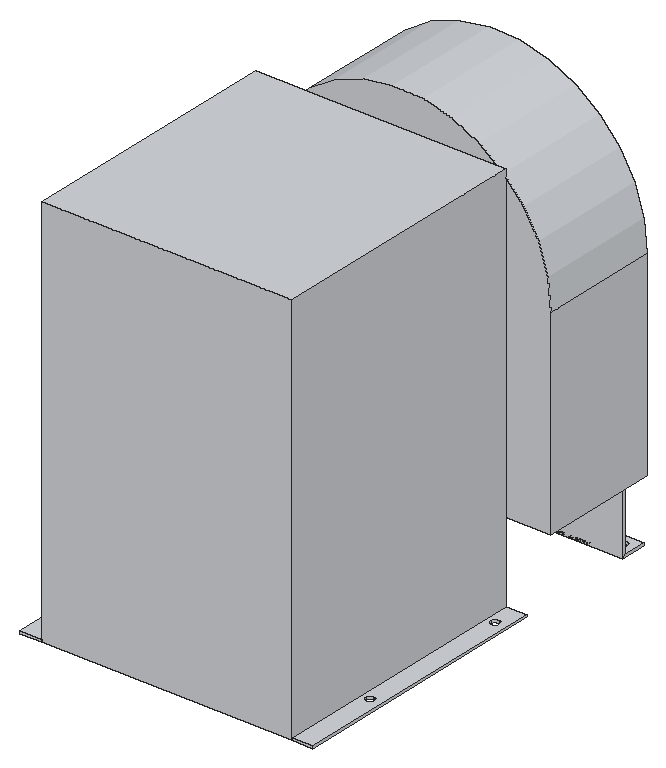
Revit family "CPFB_CW_DBD", category Mechanical Equipment, Revit 2019
Family settings
  Round Connector Dimension = Use Radius
  Part Type = Normal
  Work Plane-Based = No
  Always vertical = Yes
  Cut with Voids When Loaded = No
  Shared = No
  Room Calculation Point = No
Parameters (values of type "100-CPFB_CW_DBD")
  Z = 0' - 4 5/8"
  Y = 0' - 8 5/8"
  X = 1' - 2 1/16"
  W+M = W + M  # 1' - 5 1/8"
  W+1.5+K+L = W + 0' 1 1/2" + K + L  # 2' - 1 3/4"
  W+1.5 = W + 0' 1 1/2"  # 0' - 5 1/2"
  W = 0' - 4"
  V = 0' - 8"
  Unit Weight [instance] = ""
  U-.125 = U - 0' 0 1/8"  # 0' - 5 1/8"
  U = 0' - 5 1/4"
  T = 0' - 0 3/4"
  Sones [instance] = ""
  S/2 = S / 2  # 0' - 0 9/32"
  S = 0' - 0 9/16"
  R = 0' - 0 3/4"
  Q = 0' - 3"
  P-U = P - U  # 1' - 10 1/4"
  P = 2' - 3 1/2"
  N = 0' - 9 3/8"
  Motor RPM [instance] = ""
  Motor Enclosure [instance] = ""
  ModelID [instance] = ""
  M = 1' - 1 1/8"
  LwA [instance] = ""
  L = 0' - 10 1/4"
  K = 0' - 10"
  J = 0' - 10 3/4"
  H = 2' - 1 1/4"
  G-V = G - V  # 0' - 1 3/8"
  G = 0' - 9 3/8"
  Fan RPM [instance] = ""
  F-.125 = F - 0' 0 1/8"  # 0' - 8"
  F = 0' - 8 1/8"
  E-U = E - U  # 1' - 1 3/4"
  E = 1' - 7"
  D = 1' - 6"
  C/8*7 = C / 8 * 2.5  # 0' - 4 53/128"
  C/8 = C / 6  # 0' - 2.35417"
  C/2 = C / 2  # 0' - 7 1/16"
  C = 1' - 2 1/8"
  Brake Hp [instance] = ""
  B = 0' - 10 15/16"
  Accessories [instance] = ""
  A+.25 = A + 0' 0 1/8"  # 0' - 7 11/16"
  A = 0' - 7 9/16"
  CUT = 0' - 3 1/2"
  4" = 0' - 4"  # constant formula
  1'8" = 1' - 8"  # constant formula
  0 = 0' - 0"  # constant formula
  Voltage [instance] = 0 V
  URL = "www.lorencook.com"
  Type Comments = "Foward Curved Centrifugal Blower Clockwise Downblast Arrangement 10"  # constant formula
  Static Pressure [instance] = 0.00 in-wg
  Power [instance] = Voltage * Motor FLA * sqrt(if(Phase = 3, 3, 1))  # 0 VA
  Phase [instance] = 0
  Number of Poles [instance] = 1
  Motor Hp [instance] = "0"
  Motor FLA [instance] = 0 A
  Model = "CPFB_CW_DBD"  # constant formula
  Manufacturer = "Loren Cook Company"
  CFM [instance] = 0 CFM
  1.5 = 0' - 1 1/2"  # constant formula
  ONE EIGTH = 0' - 0 1/8"  # constant formula
  -1.5 = -0' - 1 1/2"  # constant formula
  -.125 = -0' - 0 1/8"  # constant formula
  -(A+.25) = -(A + 0' 0 1/8")  # -0' - 7 11/16"
  (C/2)-1.5 = (C / 2) - 0' 1 1/2"  # 0' - 5 9/16"
  (C/2)-.25 = (C / 2) - 0' 0 1/4"  # 0' - 6 13/16"
Types (9): name | Z | Y | X | W+M | W+1.5+K+L | W+1.5 | W | V | U-.125 | U | T | S/2 | S | R | Q | P-U | P | N | M | L | K | J | H | G-V | G | F-.125 | F | E-U | E | D | C/8*7 | C/8 | C/2 | C | B | A+.25 | A | CUT | -(A+.25) | (C/2)-1.5 | (C/2)-.25
  (no name) | 0' - 4 5/8" | 0' - 8 5/8" | 1' - 2 1/16" | 1' - 5 1/8" | 2' - 1 3/4" | 0' - 5 1/2" | 0' - 4" | 0' - 8" | 0' - 5 1/8" | 0' - 5 1/4" | 0' - 0 3/4" | 0' - 0 9/32" | 0' - 0 9/16" | 0' - 0 3/4" | 0' - 3" | 1' - 10 1/4" | 2' - 3 1/2" | 0' - 9 3/8" | 1' - 1 1/8" | 0' - 10 1/4" | 0' - 10" | 0' - 10 3/4" | 2' - 1 1/4" | 0' - 1 3/8" | 0' - 9 3/8" | 0' - 8" | 0' - 8 1/8" | 1' - 1 3/4" | 1' - 7" | 1' - 6" | 0' - 4 53/128" | 0' - 2.35417" | 0' - 7 1/16" | 1' - 2 1/8" | 0' - 10 15/16" | 0' - 7 11/16" | 0' - 7 9/16" | 0' - 3 1/2" | -0' - 7 11/16" | 0' - 5 9/16" | 0' - 6 13/16"
  150-CPFB_CW_DBD | 0' - 6 9/16" | 0' - 8 5/8" | 1' - 7 5/8" | 1' - 7 1/8" | 2' - 7 5/8" | 0' - 5 1/2" | 0' - 4" | 0' - 8" | 0' - 3 5/8" | 0' - 3 3/4" | 0' - 0 3/4" | 0' - 0 9/32" | 0' - 0 9/16" | 0' - 0 3/4" | 0' - 3" | 2' - 5 9/16" | 2' - 9 5/16" | 1' - 1 1/4" | 1' - 3 1/8" | 1' - 2 1/8" | 1' - 0" | 1' - 2 5/8" | 2' - 5 1/16" | 0' - 1 3/8" | 0' - 9 3/8" | 1' - 0 1/16" | 1' - 0 3/16" | 2' - 0 3/4" | 2' - 4 1/2" | 1' - 7 1/16" | 0' - 5 125/128" | 0' - 3 3/16" | 0' - 9 9/16" | 1' - 7 1/8" | 1' - 4 7/16" | 0' - 11 9/16" | 0' - 11 7/16" | 0' - 2" | -0' - 11 9/16" | 0' - 8 1/16" | 0' - 9 5/16"
  180-CPFB_CW_DBD | 0' - 7 3/4" | 0' - 9 5/8" | 1' - 10 7/8" | 1' - 7 1/8" | 2' - 9 15/16" | 0' - 5 1/2" | 0' - 4" | 0' - 9" | 0' - 4 5/16" | 0' - 4 7/16" | 0' - 0 3/4" | 0' - 0 9/32" | 0' - 0 9/16" | 0' - 1" | 0' - 3" | 2' - 10 3/4" | 3' - 3 3/16" | 1' - 3 9/16" | 1' - 3 1/8" | 1' - 4 7/16" | 1' - 0" | 1' - 4 15/16" | 2' - 9 9/16" | 0' - 1 3/8" | 0' - 10 3/8" | 1' - 2 1/2" | 1' - 2 5/8" | 2' - 5 3/4" | 2' - 10 3/16" | 1' - 10 1/16" | 0' - 7 23/256" | 0' - 3 25/32" | 0' - 11 11/32" | 1' - 10 11/16" | 1' - 7 11/16" | 1' - 1 7/8" | 1' - 1 3/4" | 0' - 2" | -1' - 1 7/8" | 0' - 9 27/32" | 0' - 11 3/32"
  220-CPFB_CW_DBD | 0' - 9 7/16" | 0' - 11 1/8" | 2' - 3 13/16" | 1' - 11 1/8" | 3' - 5 3/8" | 0' - 6 1/2" | 0' - 5" | 0' - 10 1/2" | 0' - 6 1/4" | 0' - 6 3/8" | 0' - 0 3/4" | 0' - 0 9/32" | 0' - 0 9/16" | 0' - 1" | 0' - 4" | 3' - 6" | 4' - 0 3/8" | 1' - 7" | 1' - 6 1/8" | 1' - 7 7/8" | 1' - 3" | 1' - 8 7/16" | 3' - 5" | 0' - 1 3/8" | 0' - 11 7/8" | 1' - 6 3/16" | 1' - 6 5/16" | 3' - 0 3/8" | 3' - 6 3/4" | 2' - 3" | 0' - 8 147/256" | 0' - 4.57292" | 1' - 1 23/32" | 2' - 3 7/16" | 2' - 0 5/8" | 1' - 5 5/16" | 1' - 5 3/16" | 0' - 2" | -1' - 5 5/16" | 1' - 0 7/32" | 1' - 1 15/32"
  250-CPFB_CW_DBD | 0' - 10 1/2" | 1' - 0 3/8" | 2' - 7" | 1' - 11 1/8" | 3' - 7 3/16" | 0' - 6 1/2" | 0' - 5" | 0' - 11 1/2" | 0' - 7 3/4" | 0' - 7 7/8" | 0' - 1" | 0' - 0 11/32" | 0' - 0 11/16" | 0' - 1" | 0' - 4" | 3' - 9 1/16" | 4' - 4 15/16" | 1' - 9 1/16" | 1' - 6 1/8" | 1' - 9 11/16" | 1' - 3" | 1' - 11" | 3' - 8 5/8" | 0' - 1 7/8" | 1' - 1 3/8" | 1' - 7 3/4" | 1' - 7 7/8" | 3' - 2 5/8" | 3' - 10 1/2" | 2' - 5 5/8" | 0' - 9 51/256" | 0' - 4 29/32" | 1' - 2 23/32" | 2' - 5 7/16" | 2' - 2 13/16" | 1' - 6 7/8" | 1' - 6 3/4" | 0' - 2" | -1' - 6 7/8" | 1' - 1 7/32" | 1' - 2 15/32"
  270-CPFB_CW_DBD | 0' - 11 7/16" | 1' - 1 3/8" | 2' - 9 3/4" | 2' - 2 1/8" | 4' - 0 1/16" | 0' - 6 1/2" | 0' - 5" | 1' - 0 1/2" | 0' - 8 7/8" | 0' - 9" | 0' - 1" | 0' - 0 11/32" | 0' - 0 11/16" | 0' - 1" | 0' - 4" | 4' - 1 1/16" | 4' - 10 1/16" | 1' - 10 15/16" | 1' - 9 1/8" | 1' - 11 9/16" | 1' - 6" | 2' - 0 7/8" | 4' - 0 7/8" | 0' - 1 7/8" | 1' - 2 3/8" | 1' - 9 15/16" | 1' - 10 1/16" | 3' - 6 5/16" | 4' - 3 5/16" | 2' - 8 3/8" | 0' - 9 251/256" | 0' - 5.32292" | 1' - 3 31/32" | 2' - 7 15/16" | 2' - 5 9/16" | 1' - 8 3/4" | 1' - 8 5/8" | 0' - 2 1/4" | -1' - 8 3/4" | 1' - 2 15/32" | 1' - 3 23/32"
  300-CPFB_CW_DBD | 1' - 0 5/8" | 1' - 2 5/16" | 3' - 1" | 2' - 2 3/16" | 4' - 2 1/2" | 0' - 6 1/2" | 0' - 5" | 1' - 1 1/2" | 0' - 9 5/8" | 0' - 9 3/4" | 0' - 1" | 0' - 0 11/32" | 0' - 0 11/16" | 0' - 1 3/16" | 0' - 4" | 4' - 6 3/8" | 5' - 4 1/8" | 2' - 1 5/16" | 1' - 9 3/16" | 2' - 2" | 1' - 6" | 2' - 3 3/16" | 4' - 5 5/8" | 0' - 1 13/16" | 1' - 3 5/16" | 2' - 0 1/4" | 2' - 0 3/8" | 3' - 11 1/4" | 4' - 9" | 2' - 11 5/8" | 0' - 10 235/256" | 0' - 5.82292" | 1' - 5 15/32" | 2' - 10 15/16" | 2' - 8 13/16" | 1' - 11 1/16" | 1' - 10 15/16" | 0' - 2 1/2" | -1' - 11 1/16" | 1' - 3 31/32" | 1' - 5 7/32"
  120-CPFB_CW_DBD | 0' - 5 7/16" | 0' - 8 5/8" | 1' - 4 5/16" | 1' - 5 1/8" | 2' - 3 3/8" | 0' - 5 1/2" | 0' - 4" | 0' - 8" | 0' - 4 1/2" | 0' - 4 5/8" | 0' - 0 3/4" | 0' - 0 9/32" | 0' - 0 9/16" | 0' - 0 3/4" | 0' - 3" | 2' - 0 13/16" | 2' - 5 7/16" | 0' - 11" | 1' - 1 1/8" | 0' - 11 7/8" | 0' - 10" | 1' - 0 3/8" | 2' - 2 1/4" | 0' - 1 3/8" | 0' - 9 3/8" | 0' - 9 5/8" | 0' - 9 3/4" | 1' - 6 3/16" | 1' - 10 13/16" | 1' - 6" | 0' - 5 5/128" | 0' - 2 11/16" | 0' - 8 1/16" | 1' - 4 1/8" | 1' - 1 1/8" | 0' - 9 5/16" | 0' - 9 3/16" | 0' - 2 1/2" | -0' - 9 5/16" | 0' - 6 9/16" | 0' - 7 13/16"
  100-CPFB_CW_DBD | 0' - 4 5/8" | 0' - 8 5/8" | 1' - 2 1/16" | 1' - 5 1/8" | 2' - 1 3/4" | 0' - 5 1/2" | 0' - 4" | 0' - 8" | 0' - 5 1/8" | 0' - 5 1/4" | 0' - 0 3/4" | 0' - 0 9/32" | 0' - 0 9/16" | 0' - 0 3/4" | 0' - 3" | 1' - 10 1/4" | 2' - 3 1/2" | 0' - 9 3/8" | 1' - 1 1/8" | 0' - 10 1/4" | 0' - 10" | 0' - 10 3/4" | 2' - 1 1/4" | 0' - 1 3/8" | 0' - 9 3/8" | 0' - 8" | 0' - 8 1/8" | 1' - 1 3/4" | 1' - 7" | 1' - 6" | 0' - 4 53/128" | 0' - 2.35417" | 0' - 7 1/16" | 1' - 2 1/8" | 0' - 10 15/16" | 0' - 7 11/16" | 0' - 7 9/16" | 0' - 3 1/2" | -0' - 7 11/16" | 0' - 5 9/16" | 0' - 6 13/16"
Reference planes (in)
  plane 1 "Center (Front/Back)": y = 0
  plane 2: z = 0
  plane 3 "Center (Left/Right)": x = 0.40541
Forms (in)
  Extrusion 1, solid
    sketch origin (0, 0, 0) x (1, 0, 0) y (0, 1, 0)
      loop
        line (-7.59459, 0) -> (-7.59459, -17.125) -> (8.40541, -17.125) -> (8.40541, 0) -> (-7.59459, 0)
    from 0 to 25.25 <- "H"
  Extrusion 2, solid
    sketch origin (0, 0, 0) x (1, 0, 0) y (0, 1, 0)
      loop
        line (-7.59459, 0) -> (-8.96959, 0) -> (-8.96959, -17.125) -> (-7.59459, -17.125) -> (-7.59459, 0)
      loop
        line (8.40541, 0) -> (8.40541, -17.125) -> (9.78041, -17.125) -> (9.78041, 0) -> (8.40541, 0)
    from 0 to 0.125 <- "ONE EIGTH"
  Extrusion 3, solid
    sketch origin (0, 0, 0) x (1, 0, 0) y (0, 1, 0)
      loop
        line (-8.96959, 9.375) -> (-8.96959, 7.6875) -> (9.78041, 7.6875) -> (9.78041, 9.375) -> (-8.96959, 9.375)
    from 0 to 0.125 <- "ONE EIGTH"
  Extrusion 4, solid
    sketch origin (9.78041, 7.6875, 0) x (-1, 0, 0) y (0, 0, -1)
      loop
        line (18.75, 0) -> (0, 0) -> (0, -18) -> (18.75, -18) -> (18.75, 0)
    from -0.125 to 0
  Extrusion 5, void
    sketch origin (9.78041, 7.6875, 0) x (1, 0, 0) y (0, 0, -1)
      loop
        circle (-9.375, -18) r 7.0625
    from 0 to 0.25
  Extrusion 6, void
    sketch origin (0, 0, 0) x (1, 0, 0) y (0, 1, 0)
      loop
        circle (9.03041, -1.625) r 0.28125
      loop
        circle (9.03041, -11.625) r 0.28125
      loop
        circle (-8.21959, -11.625) r 0.28125
      loop
        circle (-8.21959, -1.625) r 0.28125
    from -12 to 12
  Extrusion 7, void
    sketch origin (0, 0, 0) x (1, 0, 0) y (0, 1, 0)
      loop
        circle (9.03041, 8.625) r 0.28125
      loop
        circle (-8.21959, 8.625) r 0.28125
    from -0.125 <- "-.125" to 0.125 <- "ONE EIGTH"
  Extrusion 8, solid
    sketch origin (9.78041, 7.6875, 0) x (-1, 0, 0) y (0, 0, -1)
      loop
        circle (9.375, -18) r 7.0625
      loop
        circle (9.375, -18) r 6.8125
    from 0 to -1.5 <- "-1.5"
  Extrusion 9, solid
    sketch origin (0.81082, 0, 36) x (-1, 0, 0) y (0, 0, -1)
      loop
        line (0.46791, 30.75) -> (-10.46959, 30.75) -> (-10.46959, 18)
        arc (-10.46959, 18) -> (5.21886, 10.79215) -> (0.46791, 27.39061) r 9.5
        line (0.46791, 27.39061) -> (0.46791, 30.75)
    from 0 to -7.6875 <- "-(A+.25)"
  Revolve 10, void
    sketch origin (0.40541, 0, 0) x (0, 1, 0) y (0, 0, 1)
      loop
        line (7.6875, 23.5625) -> (5.33333, 22.41406) -> (5.33333, 18) -> (7.6875, 18) -> (7.6875, 23.5625)
      axis (5.33333, 18) -> (7.6875, 18)
    angle from 0 to 360
  Extrusion 11, void
    sketch origin (0.81082, 0, 36) x (1, 0, 0) y (0, 0, -1)
      loop
        line (-0.46791, 27.25) -> (-0.46791, 34.25) -> (-20.46791, 34.25) -> (-20.46791, 27.25) -> (-0.46791, 27.25)
    from 0 to 7.6875 <- "A+.25"
Cuts and joins
  Extrusion 5, Extrusion 7, Revolve 10, Extrusion 11 cuts Extrusion 4
  Extrusion 6, Extrusion 11 cuts Extrusion 1
  Extrusion 6 cuts Extrusion 2
  Extrusion 7 cuts Extrusion 3
  Revolve 10, Extrusion 11 cuts Extrusion 9
  Revolve 10 cuts Extrusion 8
Dimensions and locks (in)
  "0": Extrusion 1 sketch curve to plane 1 "Center (Front/Back)"
  "W+M": plane 1 "Center (Front/Back)" to Extrusion 1 sketch curve
  "V": plane 3 "Center (Left/Right)" to Extrusion 1 sketch curve
  "V": Extrusion 1 sketch curve to plane 3 "Center (Left/Right)"
  "0": Extrusion 2 sketch curve to plane 1 "Center (Front/Back)"  (x2)
  "0": Extrusion 1 to Extrusion 2 sketch curve  (x2)
  "0": Extrusion 2 sketch curve to Extrusion 1  (x2)
  "G-V": Extrusion 2 sketch curve to Extrusion 2 sketch curve  (x2)
  "N": plane 1 "Center (Front/Back)" to Extrusion 3 sketch curve
  "A+.25": Extrusion 3 sketch curve to plane 1 "Center (Front/Back)"
  "0": Extrusion 2 to Extrusion 3 sketch curve  (x2)
  "0": Extrusion 1 to Extrusion 4 sketch curve
  "D": Extrusion 4 sketch curve to Extrusion 4 sketch curve
  "0": Extrusion 4 sketch curve to Extrusion 2  (x2)
  "D": Extrusion 1 to Extrusion 5 sketch curve
  "V": Extrusion 1 to Extrusion 5 sketch curve
  "Y": plane 3 "Center (Left/Right)" to Extrusion 6 sketch curve  (x2)
  "Y": Extrusion 6 sketch curve to plane 3 "Center (Left/Right)"  (x2)
  "W+1.5": Extrusion 1 to Extrusion 6 sketch curve  (x2)
  "K": Extrusion 6 sketch curve to Extrusion 6 sketch curve  (x2)
  "W+1.5+K+L": cut or joined group of Extrusion 1, Extrusion 6, Extrusion 11 to Extrusion 7 sketch curve  (x2)
  "V": cut or joined group of Extrusion 1, Extrusion 6, Extrusion 11 to Extrusion 8 sketch curve  (x2)
  "D": Extrusion 8 sketch curve to cut or joined group of Extrusion 1, Extrusion 6, Extrusion 11  (x2)
  "T": Extrusion 7 sketch curve to cut or joined group of Extrusion 3, Extrusion 7
  "T": cut or joined group of Extrusion 3, Extrusion 7 to Extrusion 7 sketch curve
  "F": Extrusion 9 sketch curve to plane 3 "Center (Left/Right)"
  "E": Extrusion 9 sketch curve to Extrusion 9 sketch curve
  "U": level to Extrusion 9 sketch curve
  "B": Extrusion 9 sketch curve to Extrusion 9 sketch curve
  "D": Revolve 10 sketch curve to level  (x2)
  "0": Revolve 10 sketch curve to cut or joined group of Extrusion 9, Revolve 10, Extrusion 11
  "C/8": Revolve 10 sketch curve to Revolve 10 sketch curve
  "C/8*7": Revolve 10 sketch curve to Revolve 10 sketch curve
  "(C/2)-1.5": Revolve 10 sketch curve to Revolve 10 sketch curve
  "P": Extrusion 9 sketch curve to level
  "1'8"": Extrusion 11 sketch curve to Extrusion 11 sketch curve
  "CUT": cut or joined group of Extrusion 9, Revolve 10, Extrusion 11 to Extrusion 11 sketch curve
  "CUT": Extrusion 11 sketch curve to cut or joined group of Extrusion 9, Revolve 10, Extrusion 11
  "0": cut or joined group of Extrusion 9, Revolve 10, Extrusion 11 to Extrusion 11 sketch curve
  "C/2": radius of Extrusion 5 sketch curve
  "S/2": radius of Extrusion 6 sketch curve  (x4)
  "S/2": radius of Extrusion 7 sketch curve  (x2)
  "C/2": radius of Extrusion 8 sketch curve
  "(C/2)-.25": radius of Extrusion 8 sketch curve
Automatic sketch dimensions
  Revolve 10 sketch curve to Revolve 10 sketch curve = 0' - 0"
  Revolve 10 sketch curve to Revolve 10 sketch curve = 0' - 3 3/4"
Connectors (in)
  hvac at (0.40541, 9.1875, 18), driven by "C/2"
    settings: on cut or joined group of Extrusion 8, Revolve 10, index 1, duct flow 0 CFM, flow factor 0, pres drop 0.00 in-wg, loss coef 0, conn angle 0.00°, conn width 12", conn height 12", conn diameter 14 1/8", duct sys type 29, conn prof type 0, flow config 0, flow direction 1, loss method 0, conn ref index -1, conn util no, is conn primary yes, conn desc ""
  electrical at (-7.59459, -8.5625, 12.625)
    settings: on cut or joined group of Extrusion 1, Extrusion 6, Extrusion 11, index 2, voltage 0 V, apparent load 0 VA, apparent load phase1 0 VA, apparent load phase2 0 VA, apparent load phase3 0 VA, power factor 1, load classification "Other", number of poles 1, system type 14, power factor state 1, is connector primary yes, connector utility no, sub classification motor no, connector description ""
  hvac at (5.81166, 3.84375, 5.25), driven by "B", driven by "A"
    settings: on cut or joined group of Extrusion 9, Revolve 10, Extrusion 11, index 3, duct flow 0 CFM, flow factor 0, pres drop 0.00 in-wg, loss coef 0, conn angle 0.00°, conn width 7 9/16", conn height 10 15/16", conn diameter 24", duct sys type 29, conn prof type 1, flow config 0, flow direction 2, loss method 0, conn ref index -1, conn util no, is conn primary no, conn desc ""
